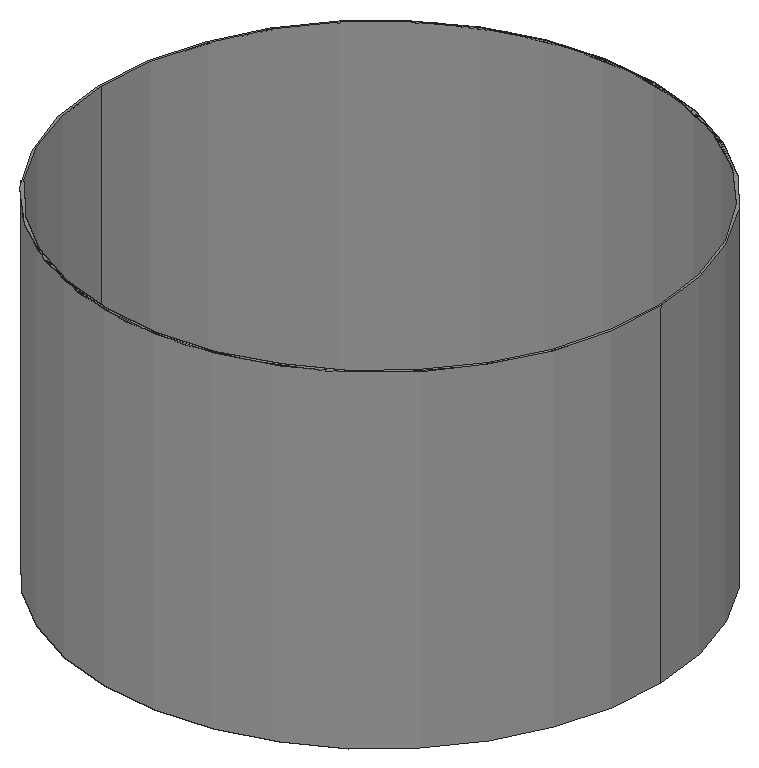
Revit family "НЕВАТОМ_Хомут быстросъемный для VKK, Версия 1", category Обобщенные модели, Revit 2017
Family settings
  Может служить основой для арматурных стержней = Нет
  Размер круглого соединителя = Использовать диаметр
  Тип детали = Нормальный
  На основе рабочей плоскости = Нет
  Всегда вертикально = Да
  При загрузке вырезать с полостями = Нет
  Общий = Нет
  Точка расчета площади = Нет
Parameters (values of type "Хомут быстросъемный")
  Хомут = "НЕВАТОМ_Хомут быстросъемн."  # constant formula
  Материал = Сталь оцинкованная
  t = size_lookup(Хомут, "t", 0.7 mm, Diametr)  # 0.65 mm
  L = size_lookup(Хомут, "L", 60 mm, Diametr)  # 60 mm
  Diametr = 100 mm
  D1 = D - 0.7 mm  # 99.3 mm
  D = size_lookup(Хомут, "D", 100 mm, Diametr)  # 100 mm
  ADSK_Примечание = ""
  ADSK_Обозначение = ADSK_Наименование  # "Хомут быстросъемный 100"
  ADSK_Наименование = size_lookup(Хомут, "", "Хомут быстросъемный 100", Diametr)  # "Хомут быстросъемный 100"
  ADSK_Масса = 0
  ADSK_Марка = ""
  ADSK_Количество = 1
  ADSK_Код изделия = ""
  ADSK_Завод-изготовитель = "НЕВАТОМ"  # constant formula
  ADSK_Единица измерения = "шт."  # constant formula
Reference planes
  plane 1 "По центру (Вперед/Назад)": y = 0
  plane 2: z = 0
  plane 3 "По центру (Влево/Вправо)": x = 0
Forms (mm)
  Extrusion 1, solid, material "Сталь оцинкованная" <- "Материал"
    sketch origin (0, 0, 0) x (1, 0, 0) y (0, 1, 0)
      loop
        circle (0, 0) r 50
      loop
        circle (0, 0) r 49.65
    from 0 to 60 <- "L"
Dimensions and locks
  "D": diameter of Extrusion 1 sketch curve
  "D1": diameter of Extrusion 1 sketch curve
  aligned and locked: level to plane 2
Automatic sketch dimensions
  Extrusion 1 sketch curve to Extrusion 1 sketch curve = 0 mm  (x2)
  plane 1 "По центру (Вперед/Назад)" to Extrusion 1 sketch curve = 0 mm
  Extrusion 1 sketch curve to plane 3 "По центру (Влево/Вправо)" = 0 mm
